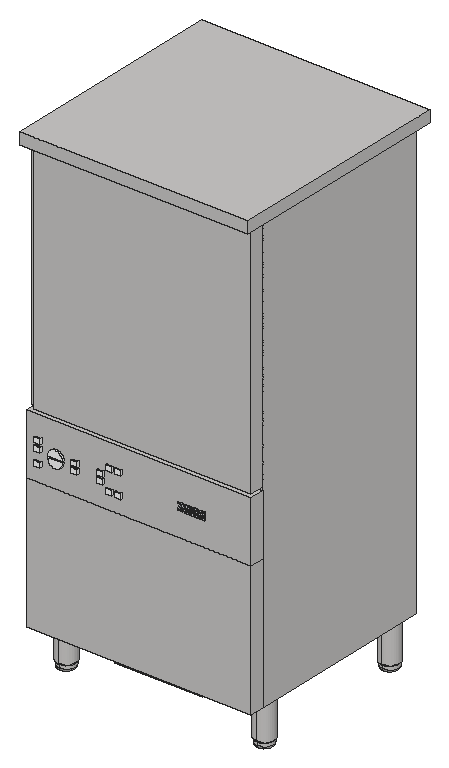
Revit family "QF_ELECTROLUXPROFESSIONAL_727895_RBF101", category Specialty Equipment, Revit 2018 (continued)
Definition of nested family "ZAN_Logo_S_Grey"
  Forms (mm)
    Extrusion 2, solid
      sketch origin (17.793, -46.218, 0) x (-1, 0, 0) y (0, -1, 0)
        loop
          spline (-13.581, -58.5) -> (-13.088, -58.407) -> (-12.595, -58.269) -> (-12.109, -58.088) -> (-11.636, -57.866) -> (-11.183, -57.605) -> (-10.756, -57.307) -> (-10.361, -56.974) -> (-10.004, -56.608) -> (-9.692, -56.211) -> (-9.431, -55.784) -> (-9.228, -55.33) -> (-9.089, -54.851)
          spline (-9.089, -54.851) -> (-8.873, -54.211) -> (-8.715, -53.559) -> (-8.615, -52.901) -> (-8.574, -52.241) -> (-8.592, -51.585) -> (-8.668, -50.938) -> (-8.802, -50.306) -> (-8.995, -49.693) -> (-9.247, -49.106) -> (-9.557, -48.55) -> (-9.925, -48.03) -> (-10.352, -47.551)
          line (-10.352, -47.551) -> (-15.546, -42.919) -> (-16.669, -41.234)
          spline (-16.669, -41.234) -> (-16.704, -41.021) -> (-16.735, -40.804) -> (-16.761, -40.583) -> (-16.778, -40.361) -> (-16.784, -40.139) -> (-16.774, -39.919) -> (-16.748, -39.701) -> (-16.7, -39.488) -> (-16.63, -39.28) -> (-16.533, -39.08) -> (-16.406, -38.889) -> (-16.248, -38.708)
          line (-16.248, -38.708) -> (-14.844, -38.427)
          spline (-14.844, -38.427) -> (-14.347, -38.545) -> (-13.969, -38.749) -> (-13.695, -39.028) -> (-13.508, -39.368) -> (-13.393, -39.757) -> (-13.335, -40.182) -> (-13.318, -40.63) -> (-13.326, -41.089) -> (-13.344, -41.546) -> (-13.356, -41.988) -> (-13.347, -42.403) -> (-13.3, -42.779)
          line (-13.3, -42.779) -> (-8.387, -42.638)
          spline (-8.387, -42.638) -> (-8.326, -42.034) -> (-8.288, -41.417) -> (-8.277, -40.794) -> (-8.299, -40.169) -> (-8.357, -39.548) -> (-8.457, -38.936) -> (-8.604, -38.339) -> (-8.803, -37.762) -> (-9.058, -37.21) -> (-9.375, -36.689) -> (-9.758, -36.204) -> (-10.212, -35.76)
          spline (-10.212, -35.76) -> (-10.793, -35.336) -> (-11.409, -34.976) -> (-12.054, -34.679) -> (-12.723, -34.445) -> (-13.409, -34.273) -> (-14.107, -34.163) -> (-14.811, -34.115) -> (-15.515, -34.127) -> (-16.213, -34.2) -> (-16.899, -34.333) -> (-17.568, -34.526) -> (-18.213, -34.777)
          spline (-18.213, -34.777) -> (-18.496, -34.897) -> (-18.783, -35.044) -> (-19.071, -35.216) -> (-19.357, -35.412) -> (-19.639, -35.629) -> (-19.915, -35.865) -> (-20.182, -36.119) -> (-20.438, -36.389) -> (-20.681, -36.672) -> (-20.907, -36.967) -> (-21.115, -37.272) -> (-21.301, -37.585)
          spline (-21.301, -37.585) -> (-21.55, -38.26) -> (-21.734, -38.948) -> (-21.854, -39.647) -> (-21.91, -40.351) -> (-21.901, -41.057) -> (-21.828, -41.761) -> (-21.69, -42.459) -> (-21.489, -43.148) -> (-21.222, -43.823) -> (-20.892, -44.48) -> (-20.497, -45.116) -> (-20.038, -45.726)
          line (-20.038, -45.726) -> (-14.142, -51.061) -> (-13.44, -52.886) -> (-14.002, -54.289) -> (-15.265, -54.57) -> (-16.669, -53.587) -> (-16.81, -50.78) -> (-21.582, -50.64)
          spline (-21.582, -50.64) -> (-21.558, -51.063) -> (-21.55, -51.491) -> (-21.554, -51.92) -> (-21.561, -52.35) -> (-21.567, -52.778) -> (-21.565, -53.201) -> (-21.547, -53.619) -> (-21.509, -54.029) -> (-21.444, -54.43) -> (-21.345, -54.818) -> (-21.206, -55.193) -> (-21.021, -55.552)
        loop
          line (-22.424, -34.216) -> (-27.337, -34.216) -> (-27.337, -58.22) -> (-22.424, -58.22) -> (-22.424, -34.216)
        loop
          line (14.213, -39.971) -> (14.213, -58.22) -> (19.126, -58.22) -> (19.126, -42.077) -> (18.845, -38.146) -> (18.424, -37.164) -> (17.442, -35.9) -> (16.459, -35.199) -> (14.494, -34.356) -> (13.511, -34.216) -> (11.265, -34.216) -> (10.142, -34.497) -> (8.458, -35.479) -> (6.493, -38.287) -> (6.352, -39.269) -> (6.352, -58.22) -> (11.265, -58.22) -> (11.265, -40.392) -> (11.827, -39.129) -> (13.371, -38.988) -> (14.213, -39.971)
        loop
          line (20.249, -58.22) -> (24.741, -58.22) -> (24.741, -42.919) -> (28.812, -58.22) -> (34.006, -58.22) -> (34.006, -34.216) -> (29.654, -34.216) -> (29.654, -50.078) -> (25.583, -34.216) -> (20.249, -34.216) -> (20.249, -58.22)
        loop
          line (50.149, -58.22) -> (62.361, -58.22) -> (62.361, -53.728) -> (55.904, -53.868) -> (62.923, -39.129) -> (62.923, -34.216) -> (50.149, -34.216) -> (50.149, -39.129) -> (57.517, -39.129) -> (50.149, -54.149) -> (50.149, -58.22)
        loop
          line (38.778, -58.22) -> (45.516, -58.22) -> (49.868, -34.216) -> (44.814, -34.216) -> (44.113, -38.848) -> (40.042, -38.848) -> (39.34, -34.216) -> (34.286, -34.216) -> (38.778, -58.22)
        loop
          line (43.551, -43.2) -> (40.744, -43.2) -> (42.147, -54.117) -> (43.551, -43.2)
      from 0 to 1.644
  Dimensions and locks
    aligned and locked: plane 2 to Extrusion 1
    aligned and locked: level to Extrusion 1
